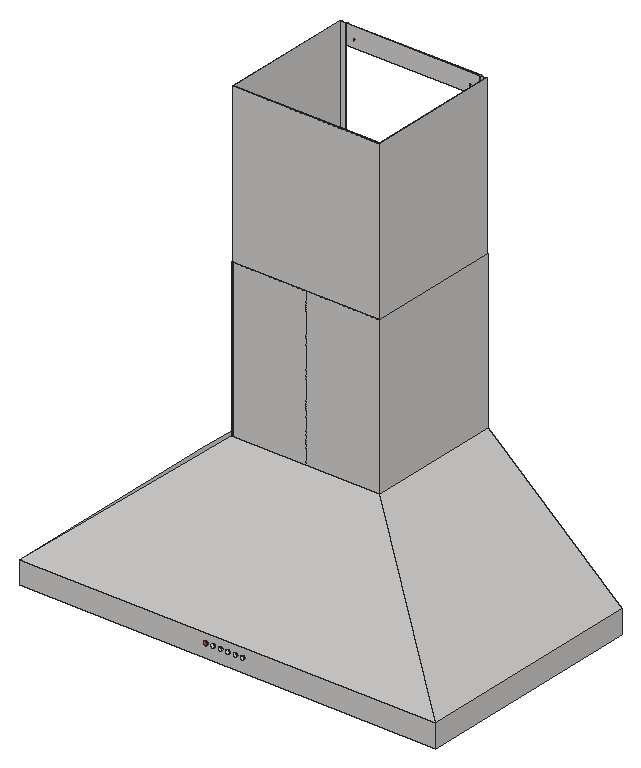
Revit family "FP_Revit_18_HC36PCX1_Rangehood_90001882A", category Specialty Equipment, Revit 2018
Family settings
  Round Connector Dimension = Use Diameter
  Part Type = Normal
  OmniClass Number = 23.40.40.00
  OmniClass Title = Food Service Equipment and Furnishings
  Work Plane-Based = No
  Always vertical = Yes
  Cut with Voids When Loaded = Yes
  Shared = No
  Room Calculation Point = No
Parameters (values of type "HC36PCX1")
  Visibility - Upper Chimney Extension [instance] = yes
  URL = "www.fisherpaykel.com"
  Product - Width = 898 mm  # constant formula
  Product - Height (636mm - 975mm) Ducted [instance] = 975 mm
  Product - Depth = 500 mm  # constant formula
  Model = "HC36PCX1"
  Material - COLOUR CHANGE = Fisher & Paykel - Stainless Steel
  Material - Buttons and Dials = Fisher & Paykel - Steel, Chrome Plated
  Material - Body = Fisher & Paykel - Stainless Steel
  Manufacturer = "Fisher & Paykel Appliances"
  FFL Offset [instance] = 1565 mm
  Description = "36\" Rangehood"
  Connector Description - Extraction = "6” (152 mm) diameter, rigid or semi-rigid ducting, 600 CFM"
  Connector Description - Electrical = "120 V, 60 Hz"
  Chassis - Width = 320 mm  # constant formula
  Chassis - Height = 298 mm  # constant formula
  Chassis - Depth = 290 mm  # constant formula
Types (5, lengths in mm): name | Model | Material - COLOUR CHANGE
  (no name) | "HC36PCX1" | Fisher & Paykel - Stainless Steel
  HC36PCB1 | "HC36PCB1" | Fisher & Paykel - Black
  HC36PCR1 | "HC36PCR1" | Fisher & Paykel - Red
  HC36PCX1 | "HC36PCX1" | Fisher & Paykel - Stainless Steel
  HC36PCW1 | "HC36PCW1" | Fisher & Paykel - White
Reference planes
  plane 1 "Datum": y = 0
  plane 2: z = 0
  plane 3 "Center (Left/Right)": x = 0
  plane 4 "Product - Height": z = 2540
  plane 5 "Product LHS": x = -449
  plane 6 "Product RHS": x = 449
  plane 7 "Product - Depth": y = -500
  plane 8 "Cavity LHS": x = -160
  plane 9 "Cavity RHS": x = 160
  plane 10 "Chassis - Depth": y = -290
  plane 11 "FFL Offset": z = 1565
  plane 12 "Chassis - Height": z = 1863
Forms (mm)
  Extrusion 1, solid, material "Fisher & Paykel - Stainless Steel" <- "Material - COLOUR CHANGE"
    sketch origin (0, 0, 0) x (1, 0, 0) y (0, 1, 0)
      loop
        line (-145, 0) -> (-160, 0) -> (-160, -290) -> (0, -290) -> (160, -290) -> (160, 0) -> (145, 0) -> (145, -1) -> (159, -1) -> (159, -289) -> (-159, -289) -> (-159, -1) -> (-145, -1) -> (-145, 0)
    from 1863 to 2200
  Extrusion 2, solid, material "Fisher & Paykel - Stainless Steel" <- "Material - COLOUR CHANGE", visible <- "Visibility - Upper Chimney Extension"
    sketch origin (0, 0, 0) x (1, 0, 0) y (0, 1, 0)
      loop
        line (-158, -2) -> (-145, -2) -> (-145, -1) -> (-159, -1) -> (-159, -289) -> (159, -289) -> (159, -1) -> (145, -1) -> (145, -2) -> (158, -2) -> (158, -288.044) -> (-158, -288.044) -> (-158, -2)
    from 2190 to 2540
  Extrusion 3, solid, material "Fisher & Paykel - Stainless Steel" <- "Material - Body"
    sketch origin (0, 0, 0) x (1, 0, 0) y (0, 1, 0)
      loop
        circle (0, -87.6) r 75
      loop
        circle (0, -87.6) r 74
    from 1850 to 1897.007
  Extrusion 4, solid, material "Fisher & Paykel - Stainless Steel" <- "Material - Body", visible <- "Visibility - Upper Chimney Extension"
    sketch origin (0, 0, 7) x (1, 0, 0) y (0, 0, 1)
      loop
        line (-145, 2491.596) -> (145, 2491.596) -> (145, 2533) -> (-145, 2533) -> (-145, 2491.596)
      loop
        circle (125, 2508) r 2.5
      loop
        circle (-125, 2508) r 2.5
    from 0 to 2
  Extrusion 5, solid, material "Fisher & Paykel - Steel, Chrome Plated" <- "Material - Buttons and Dials", detail levels fine
    sketch origin (0, 0, 565) x (1, 0, 0) y (0, 0, 1)
      loop
        circle (-32, 1029.1) r 3.958
      loop
        circle (-16, 1029.1) r 3.958
      loop
        circle (0, 1029.1) r 3.958
      loop
        circle (16, 1029.1) r 3.958
      loop
        circle (32, 1029.1) r 3.958
    from 501 to 500
  Extrusion 6, void
    sketch origin (0, 0, 0) x (1, 0, 0) y (0, 1, 0)
      loop
        line (-427.4, -479.9) -> (427.4, -479.9) -> (427.4, -89.9) -> (-427.4, -89.9) -> (-427.4, -479.9)
      loop
        circle (-207.5, -42) r 25
      loop
        circle (207.5, -42) r 25
    from 1565 to 1574
  Extrusion 7, solid, material "Fisher & Paykel - Stainless Steel" <- "Material - Body", detail levels fine
    sketch origin (0, 0, 0) x (1, 0, 0) y (0, 1, 0)
      loop
        line (142.7, -89.9) -> (142.7, -479.9) -> (427.4, -479.9) -> (427.4, -89.9) -> (142.7, -89.9)
      loop
        line (417.55, -469.9) -> (417.55, -99.9) -> (152.2, -99.9) -> (152.2, -469.9) -> (252.55, -469.9) -> (252.55, -409.9) -> (317.55, -409.9) -> (317.55, -469.9) -> (417.55, -469.9)
      loop
        line (269.45, -428.3) -> (269.45, -468.3) -> (300.65, -468.3) -> (300.65, -428.3) -> (269.45, -428.3)
      loop
        line (274.65, -433.5) -> (274.65, -463.1) -> (295.45, -463.1) -> (295.45, -433.5) -> (274.65, -433.5)
      loop
        line (274.85, -442.6) -> (274.85, -462.9) -> (295.25, -462.9) -> (295.25, -442.6) -> (274.85, -442.6)
      loop
        line (-142.7, -89.9) -> (-427.4, -89.9) -> (-427.4, -479.9) -> (-142.7, -479.9) -> (-142.7, -89.9)
      loop
        line (-417.55, -469.9) -> (-317.55, -469.9) -> (-317.55, -409.9) -> (-252.55, -409.9) -> (-252.55, -469.9) -> (-152.2, -469.9) -> (-152.2, -99.9) -> (-417.55, -99.9) -> (-417.55, -469.9)
      loop
        line (-269.45, -428.3) -> (-300.65, -428.3) -> (-300.65, -468.3) -> (-269.45, -468.3) -> (-269.45, -428.3)
      loop
        line (-274.65, -433.5) -> (-295.45, -433.5) -> (-295.45, -463.1) -> (-274.65, -463.1) -> (-274.65, -433.5)
      loop
        line (-274.85, -442.6) -> (-295.25, -442.6) -> (-295.25, -462.9) -> (-274.85, -462.9) -> (-274.85, -442.6)
      loop
        line (-142.35, -89.9) -> (-142.35, -479.9) -> (142.35, -479.9) -> (142.35, -89.9) -> (-142.35, -89.9)
      loop
        line (132.5, -469.9) -> (132.5, -99.9) -> (-132.85, -99.9) -> (-132.85, -469.9) -> (-32.5, -469.9) -> (-32.5, -409.9) -> (32.5, -409.9) -> (32.5, -469.9) -> (132.5, -469.9)
      loop
        line (-15.6, -428.3) -> (-15.6, -468.3) -> (15.6, -468.3) -> (15.6, -428.3) -> (-15.6, -428.3)
      loop
        line (-10.4, -433.5) -> (-10.4, -463.1) -> (10.4, -463.1) -> (10.4, -433.5) -> (-10.4, -433.5)
      loop
        line (-10.2, -442.6) -> (-10.2, -462.9) -> (10.2, -462.9) -> (10.2, -442.6) -> (-10.2, -442.6)
      loop
        line (268.45, -427.3) -> (268.45, -469.3) -> (301.65, -469.3) -> (301.65, -427.3) -> (268.45, -427.3)
      loop
        line (-16.6, -427.3) -> (-16.6, -469.3) -> (16.6, -469.3) -> (16.6, -427.3) -> (-16.6, -427.3)
      loop
        line (-268.45, -427.3) -> (-301.65, -427.3) -> (-301.65, -469.3) -> (-268.45, -469.3) -> (-268.45, -427.3)
    from 1566 to 1574
  Extrusion 8, solid, material "Fisher & Paykel - Aluminium", detail levels medium+fine
    sketch origin (0, 0, 0) x (1, 0, 0) y (0, 1, 0)
      loop
        line (152.2, -99.9) -> (152.2, -469.9) -> (252.55, -469.9) -> (252.55, -409.9) -> (317.55, -409.9) -> (317.55, -469.9) -> (417.55, -469.9) -> (417.55, -99.9) -> (152.2, -99.9)
      loop
        line (-152.2, -99.9) -> (-417.55, -99.9) -> (-417.55, -469.9) -> (-317.55, -469.9) -> (-317.55, -409.9) -> (-252.55, -409.9) -> (-252.55, -469.9) -> (-152.2, -469.9) -> (-152.2, -99.9)
      loop
        line (-132.675, -99.9) -> (-132.675, -469.9) -> (-32.325, -469.9) -> (-32.325, -409.9) -> (32.675, -409.9) -> (32.675, -469.9) -> (132.675, -469.9) -> (132.675, -99.9) -> (-132.675, -99.9)
    from 1566 to 1574
  Extrusion 9, void
    sketch origin (0, 0, 0) x (1, 0, 0) y (0, 0, 1)
      loop
        line (-449, 1863) -> (-449, 1615) -> (-160, 1863) -> (-449, 1863)
      loop
        line (449, 1863) -> (160, 1863) -> (449, 1615) -> (449, 1863)
    from 0 to 500
  Extrusion 10, solid, material "Fisher & Paykel - Stainless Steel" <- "Material - COLOUR CHANGE"
    sketch origin (0, 0, 0) x (0, 1, 0) y (0, 0, 1)
      loop
        line (-500, 1565) -> (0, 1565) -> (0, 1863) -> (-290, 1863) -> (-500, 1615) -> (-500, 1565)
    from -449 to 449
  Extrusion 11, solid, material "Fisher & Paykel - Stainless Steel" <- "Material - Body", detail levels medium+fine
    sketch origin (0, 0, 0) x (1, 0, 0) y (0, 1, 0)
      loop
        circle (90.933, -33) r 3
    from 1897.007 to 1850
  Extrusion 12, solid, material "Fisher & Paykel - Steel, Chrome Plated" <- "Material - Buttons and Dials", detail levels medium+fine
    sketch origin (0, 0, 0) x (1, 0, 0) y (0, 1, 0)
      loop
        circle (-207.5, -42) r 25
      loop
        circle (-207.5, -42) r 22
      loop
        circle (207.5, -42) r 25
      loop
        circle (207.5, -42) r 22
    from 1565 to 1574
  Extrusion 13, solid, material "Fisher & Paykel - White Bezel", detail levels fine
    sketch origin (0, 0, 0) x (1, 0, 0) y (0, 1, 0)
      loop
        circle (-207.5, -42) r 22
      loop
        circle (207.5, -42) r 22
    from 1565 to 1574
  Extrusion 14, void
    sketch origin (0, 0, 0) x (1, 0, 0) y (0, 0, 1)
      loop
        circle (254, 1612) r 2.5
      loop
        circle (125, 1859) r 2.5
      loop
        circle (-254, 1610) r 2.5
      loop
        circle (-125, 1859) r 2.5
    from 0 to 7
  Extrusion 15, solid, material "Fisher & Paykel - Stainless Steel" <- "Material - Body"
    sketch origin (0, 0, 0) x (1, 0, 0) y (0, 0, 1)
      loop
        line (-145, 2183) -> (-145, 2143) -> (145, 2143) -> (145, 2183) -> (-145, 2183)
      loop
        circle (125, 2161) r 2.5
      loop
        circle (-125, 2161) r 2.5
    from 0 to 2
  Extrusion 16, void
    sketch origin (0, 0, 0) x (1, 0, 0) y (0, 1, 0)
      loop
        line (-159, -289) -> (159, -289) -> (159, -2) -> (-159, -2) -> (-159, -289)
    from 1850 to 1863
  Extrusion 17, solid, material "Fisher & Paykel - Bezel Red", detail levels fine
    sketch origin (0, 0, 0) x (1, 0, 0) y (0, 0, 1)
      loop
        circle (-48, 1594.1) r 4.044
    from 500 to 501
Cuts and joins
  Extrusion 6, Extrusion 9, Extrusion 14, Extrusion 16 cuts Extrusion 10
  joined: Extrusion 1, Extrusion 10
  Extrusion 14 cuts Extrusion 4
  Extrusion 14 cuts Extrusion 15
Text (mm)
  text "Due to ongoing product development, product details are subject to change without notice. \nPlease always refer to www.fisherpaykel.com for the most current product information. \n© Fisher & Paykel 2020" at (41.04, -1225.549, 0), in view "Ref. Level (Plan)"
Dimensions and locks
  equal spacing: plane 5 "Product LHS", plane 3 "Center (Left/Right)", plane 6 "Product RHS"
  equal spacing: plane 8 "Cavity LHS", plane 3 "Center (Left/Right)", plane 9 "Cavity RHS"
  "Chassis - Width": plane 8 "Cavity LHS" to plane 9 "Cavity RHS"
  locked: Extrusion 1 sketch curve to Extrusion 1 sketch curve at 1  (x3)
  "FFL Offset": plane 11 "FFL Offset" to level
  "Product - Height (636mm - 975mm) Ducted": plane 4 "Product - Height" to plane 11 "FFL Offset"
  locked: Extrusion 8 to plane 11 "FFL Offset" at 9
  locked: Extrusion 7 to plane 11 "FFL Offset" at 1
  locked: Extrusion 1 to plane 11 "FFL Offset" at 635
  "Chassis - Depth": plane 10 "Chassis - Depth" to plane 1 "Datum"
  "Product - Width": plane 5 "Product LHS" to plane 6 "Product RHS"
  "Product - Depth": plane 1 "Datum" to plane 7 "Product - Depth"
  "Chassis - Height": plane 12 "Chassis - Height" to plane 11 "FFL Offset"
  locked: plane 11 "FFL Offset" to Extrusion 14 sketch curve at 294
  locked: plane 4 "Product - Height" to Extrusion 2 at 350
  locked: Extrusion 3 to plane 11 "FFL Offset" at 332.007
  locked: plane 11 "FFL Offset" to cut or joined group of Extrusion 1, Extrusion 6, Extrusion 9, Extrusion 10, Extrusion 14, Extrusion 16 at 285
  locked: plane 11 "FFL Offset" to cut or joined group of Extrusion 14, Extrusion 15 at 596
  locked: plane 11 "FFL Offset" to cut or joined group of Extrusion 14, Extrusion 15 at 618
  locked: plane 11 "FFL Offset" to cut or joined group of Extrusion 14, Extrusion 15 at 578
  cut or joined group of Extrusion 4, Extrusion 14 to plane 4 "Product - Height" = 41.404 mm
  locked: cut or joined group of Extrusion 4, Extrusion 14 to plane 4 "Product - Height" at 25
  locked: plane 11 "FFL Offset" to cut or joined group of Extrusion 1, Extrusion 6, Extrusion 9, Extrusion 10, Extrusion 14, Extrusion 16 at 294
  locked: plane 11 "FFL Offset" to Extrusion 14 sketch curve at 47
  locked: plane 11 "FFL Offset" to cut or joined group of Extrusion 1, Extrusion 6, Extrusion 9, Extrusion 10, Extrusion 14, Extrusion 16 at 47
  aligned and locked: level to plane 2
  aligned and locked: Extrusion 1 sketch curve to plane 8 "Cavity LHS"
  aligned and locked: plane 9 "Cavity RHS" to Extrusion 1 sketch curve
  aligned and locked: plane 10 "Chassis - Depth" to Extrusion 1 sketch curve
  aligned and locked: plane 4 "Product - Height" to Extrusion 2
  aligned and locked: Extrusion 10 to plane 6 "Product RHS"
  aligned and locked: plane 5 "Product LHS" to Extrusion 10
  aligned and locked: Extrusion 7 to Extrusion 8  (x2)
  aligned and locked: Extrusion 6 to Extrusion 7
  aligned and locked: cut or joined group of Extrusion 1, Extrusion 6, Extrusion 9, Extrusion 10, Extrusion 14, Extrusion 16 to plane 11 "FFL Offset"
  aligned and locked: Extrusion 12 to Extrusion 7
  aligned and locked: Extrusion 13 to Extrusion 7
  aligned and locked: Extrusion 13 to plane 11 "FFL Offset"
  aligned and locked: Extrusion 12 to plane 11 "FFL Offset"
  aligned and locked: plane 4 "Product - Height" to Extrusion 4
  aligned and locked: Extrusion 1 to plane 12 "Chassis - Height"
  aligned and locked: plane 7 "Product - Depth" to Extrusion 5
  aligned and locked: plane 7 "Product - Depth" to Extrusion 17
  aligned and locked: Extrusion 16 to Extrusion 1
  aligned and locked: cut or joined group of Extrusion 1, Extrusion 6, Extrusion 9, Extrusion 10, Extrusion 14, Extrusion 16 to Extrusion 3
  aligned and locked: Extrusion 3 to Extrusion 11
  aligned and locked: cut or joined group of Extrusion 1, Extrusion 6, Extrusion 9, Extrusion 10, Extrusion 14, Extrusion 16 to Extrusion 11
  aligned and locked: cut or joined group of Extrusion 4, Extrusion 14 to Extrusion 2
  aligned and locked: cut or joined group of Extrusion 14, Extrusion 15 to Extrusion 2
Automatic sketch dimensions
  Extrusion 2 sketch curve to plane 8 "Cavity LHS" = 1 mm
  Extrusion 2 sketch curve to Extrusion 2 sketch curve = 1 mm
  plane 1 "Datum" to Extrusion 2 sketch curve = 2 mm  (x2)
  Extrusion 2 sketch curve to Extrusion 2 sketch curve = 13 mm
  plane 9 "Cavity RHS" to Extrusion 2 sketch curve = 15 mm
  plane 9 "Cavity RHS" to Extrusion 2 sketch curve = 2 mm
  plane 9 "Cavity RHS" to Extrusion 2 sketch curve = 1 mm
  plane 10 "Chassis - Depth" to Extrusion 2 sketch curve = 1.956 mm
  plane 10 "Chassis - Depth" to Extrusion 2 sketch curve = 1 mm
  plane 1 "Datum" to Extrusion 2 sketch curve = 1 mm  (x2)
  Extrusion 4 sketch curve to plane 4 "Product - Height" = 0 mm
  Extrusion 4 sketch curve to plane 8 "Cavity LHS" = 15 mm
  Extrusion 4 sketch curve to plane 8 "Cavity LHS" = 35 mm
  plane 9 "Cavity RHS" to Extrusion 4 sketch curve = 35 mm
  plane 9 "Cavity RHS" to Extrusion 4 sketch curve = 15 mm
  Extrusion 4 sketch curve to plane 4 "Product - Height" = 25 mm  (x2)
  Extrusion 4 sketch curve to Extrusion 4 sketch curve = 16.404 mm
  Extrusion 6 sketch curve to plane 5 "Product LHS" = 21.6 mm
  plane 8 "Cavity LHS" to Extrusion 6 sketch curve = 47.5 mm
  Extrusion 6 sketch curve to plane 9 "Cavity RHS" = 47.5 mm
  plane 6 "Product RHS" to Extrusion 6 sketch curve = 21.6 mm
  plane 7 "Product - Depth" to Extrusion 6 sketch curve = 20.1 mm
  plane 1 "Datum" to Extrusion 6 sketch curve = 89.9 mm
  plane 1 "Datum" to Extrusion 6 sketch curve = 42 mm  (x2)
  plane 9 "Cavity RHS" to Extrusion 11 sketch curve = 69.067 mm
  plane 10 "Chassis - Depth" to Extrusion 11 sketch curve = 257 mm
  Extrusion 12 sketch curve to Extrusion 12 sketch curve = 0 mm  (x4)
  plane 8 "Cavity LHS" to Extrusion 12 sketch curve = 47.5 mm
  Extrusion 12 sketch curve to plane 9 "Cavity RHS" = 47.5 mm
  plane 1 "Datum" to Extrusion 12 sketch curve = 42 mm  (x2)
  plane 8 "Cavity LHS" to Extrusion 13 sketch curve = 47.5 mm
  Extrusion 13 sketch curve to plane 9 "Cavity RHS" = 47.5 mm
  plane 1 "Datum" to Extrusion 13 sketch curve = 42 mm  (x2)
  plane 11 "FFL Offset" to Extrusion 14 sketch curve = 45 mm
  plane 8 "Cavity LHS" to Extrusion 14 sketch curve = 94 mm
  Extrusion 14 sketch curve to plane 12 "Chassis - Height" = 4 mm
  Extrusion 14 sketch curve to plane 8 "Cavity LHS" = 35 mm
  plane 9 "Cavity RHS" to Extrusion 14 sketch curve = 35 mm
  Extrusion 14 sketch curve to plane 9 "Cavity RHS" = 94 mm
  Extrusion 15 sketch curve to plane 8 "Cavity LHS" = 15 mm
  Extrusion 15 sketch curve to plane 8 "Cavity LHS" = 35 mm
  plane 9 "Cavity RHS" to Extrusion 15 sketch curve = 35 mm
  plane 9 "Cavity RHS" to Extrusion 15 sketch curve = 15 mm
  plane 12 "Chassis - Height" to Extrusion 15 sketch curve = 280 mm
  Extrusion 15 sketch curve to Extrusion 15 sketch curve = 18 mm  (x2)
  Extrusion 15 sketch curve to Extrusion 15 sketch curve = 22 mm
  plane 1 "Datum" to Extrusion 1 sketch curve = 0 mm  (x2)
  Extrusion 1 sketch curve to plane 3 "Center (Left/Right)" = 0 mm
  plane 1 "Datum" to Extrusion 1 sketch curve = 1 mm  (x2)
  Extrusion 1 sketch curve to Extrusion 1 sketch curve = 14 mm  (x2)
  Extrusion 10 sketch curve to plane 7 "Product - Depth" = 0 mm
  Extrusion 10 sketch curve to plane 12 "Chassis - Height" = 0 mm
  Extrusion 10 sketch curve to plane 10 "Chassis - Depth" = 0 mm
  Extrusion 10 sketch curve to plane 1 "Datum" = 0 mm
  Extrusion 10 sketch curve to plane 11 "FFL Offset" = 0 mm
  Extrusion 10 sketch curve to Extrusion 10 sketch curve = 50 mm
  plane 5 "Product LHS" to Extrusion 9 sketch curve = 0 mm
  plane 8 "Cavity LHS" to Extrusion 9 sketch curve = 0 mm
  plane 9 "Cavity RHS" to Extrusion 9 sketch curve = 0 mm
  plane 6 "Product RHS" to Extrusion 9 sketch curve = 0 mm
  Extrusion 9 sketch curve to plane 12 "Chassis - Height" = 0 mm  (x2)
  plane 11 "FFL Offset" to Extrusion 9 sketch curve = 50 mm  (x2)
  Extrusion 5 sketch curve to plane 3 "Center (Left/Right)" = 0 mm
  Extrusion 5 sketch curve to plane 3 "Center (Left/Right)" = 16 mm
  Extrusion 5 sketch curve to Extrusion 5 sketch curve = 16 mm  (x3)
  plane 11 "FFL Offset" to Extrusion 5 sketch curve = 29.1 mm
  Extrusion 5 sketch curve to Extrusion 5 sketch curve = 0 mm  (x4)
  Extrusion 17 sketch curve to plane 3 "Center (Left/Right)" = 48 mm
  plane 11 "FFL Offset" to Extrusion 17 sketch curve = 29.1 mm
  Extrusion 7 sketch curve to plane 5 "Product LHS" = 21.6 mm
  Extrusion 7 sketch curve to Extrusion 7 sketch curve = 9.85 mm  (x3)
  plane 7 "Product - Depth" to Extrusion 7 sketch curve = 30.1 mm  (x4)
  Extrusion 7 sketch curve to Extrusion 7 sketch curve = 100 mm
  Extrusion 7 sketch curve to Extrusion 7 sketch curve = 16.9 mm  (x5)
  Extrusion 7 sketch curve to Extrusion 7 sketch curve = 5.2 mm  (x12)
  Extrusion 7 sketch curve to Extrusion 7 sketch curve = 0.2 mm  (x9)
  Extrusion 7 sketch curve to Extrusion 7 sketch curve = 20.4 mm  (x2)
  Extrusion 7 sketch curve to plane 8 "Cavity LHS" = 7.8 mm
  Extrusion 7 sketch curve to Extrusion 7 sketch curve = 9.5 mm  (x2)
  Extrusion 7 sketch curve to Extrusion 7 sketch curve = 0.35 mm  (x2)
  Extrusion 7 sketch curve to plane 3 "Center (Left/Right)" = 32.5 mm
  Extrusion 7 sketch curve to plane 3 "Center (Left/Right)" = 15.6 mm
  plane 3 "Center (Left/Right)" to Extrusion 7 sketch curve = 10.2 mm
  plane 9 "Cavity RHS" to Extrusion 7 sketch curve = 27.5 mm
  plane 9 "Cavity RHS" to Extrusion 7 sketch curve = 7.8 mm
  Extrusion 7 sketch curve to plane 9 "Cavity RHS" = 92.55 mm
  plane 6 "Product RHS" to Extrusion 7 sketch curve = 31.45 mm
  Extrusion 7 sketch curve to Extrusion 7 sketch curve = 0 mm  (x3)
  Extrusion 7 sketch curve to Extrusion 7 sketch curve = 10 mm  (x5)
  plane 7 "Product - Depth" to Extrusion 7 sketch curve = 20.1 mm
  Extrusion 7 sketch curve to Extrusion 7 sketch curve = 1.6 mm  (x3)
  Extrusion 7 sketch curve to Extrusion 7 sketch curve = 20.3 mm  (x3)
  Extrusion 7 sketch curve to Extrusion 7 sketch curve = 9.1 mm  (x3)
  Extrusion 7 sketch curve to Extrusion 7 sketch curve = 18.4 mm  (x3)
  plane 1 "Datum" to Extrusion 7 sketch curve = 99.9 mm  (x2)
  Extrusion 8 sketch curve to plane 5 "Product LHS" = 31.45 mm
  plane 7 "Product - Depth" to Extrusion 8 sketch curve = 30.1 mm  (x4)
  Extrusion 8 sketch curve to Extrusion 8 sketch curve = 100 mm
  Extrusion 8 sketch curve to Extrusion 8 sketch curve = 65 mm  (x2)
  Extrusion 8 sketch curve to plane 8 "Cavity LHS" = 7.8 mm
  Extrusion 8 sketch curve to Extrusion 8 sketch curve = 19.525 mm
  Extrusion 8 sketch curve to plane 3 "Center (Left/Right)" = 32.325 mm
  plane 3 "Center (Left/Right)" to Extrusion 8 sketch curve = 32.675 mm
  plane 9 "Cavity RHS" to Extrusion 8 sketch curve = 27.325 mm
  plane 9 "Cavity RHS" to Extrusion 8 sketch curve = 7.8 mm
  Extrusion 8 sketch curve to plane 9 "Cavity RHS" = 92.55 mm
  plane 6 "Product RHS" to Extrusion 8 sketch curve = 31.45 mm
  Extrusion 8 sketch curve to Extrusion 8 sketch curve = 0 mm  (x3)
  Extrusion 8 sketch curve to Extrusion 8 sketch curve = 60 mm  (x3)
  plane 1 "Datum" to Extrusion 8 sketch curve = 99.9 mm  (x2)
  Extrusion 3 sketch curve to Extrusion 3 sketch curve = 0 mm  (x2)
  plane 1 "Datum" to Extrusion 3 sketch curve = 87.6 mm
  plane 6 "Product RHS" to Extrusion 3 sketch curve = 449 mm
  plane 1 "Datum" to Extrusion 16 sketch curve = 2 mm
  Extrusion 16 sketch curve to plane 8 "Cavity LHS" = 1 mm
  plane 9 "Cavity RHS" to Extrusion 16 sketch curve = 1 mm
  plane 10 "Chassis - Depth" to Extrusion 16 sketch curve = 1 mm
  Extrusion 7 sketch curve to Extrusion 7 sketch curve = 1 mm  (x12)
  radius of Extrusion 4 sketch curve = 2.5 mm  (x2)
  radius of Extrusion 6 sketch curve = 25 mm  (x2)
  radius of Extrusion 11 sketch curve = 3 mm
  radius of Extrusion 12 sketch curve = 25 mm  (x2)
  radius of Extrusion 12 sketch curve = 22 mm  (x2)
  radius of Extrusion 13 sketch curve = 22 mm  (x2)
  radius of Extrusion 14 sketch curve = 2.5 mm  (x4)
  radius of Extrusion 15 sketch curve = 2.5 mm  (x2)
  radius of Extrusion 5 sketch curve = 3.958 mm  (x5)
  radius of Extrusion 17 sketch curve = 4.044 mm
  radius of Extrusion 3 sketch curve = 75 mm
  radius of Extrusion 3 sketch curve = 74 mm
Connectors
  hvac at (0, -87.6, 1897.007), driven by "Connector Description - Extraction"
    settings: on Extrusion 3, index 1, duct flow 0.0 L/s, flow factor 0, pres drop 0.0 Pa, loss coef 0, conn angle 0.00°, conn width 304.8 mm, conn height 304.8 mm, conn diameter 150 mm, duct sys type 4, conn prof type 0, flow config 0, flow direction 2, loss method 0, conn ref index -1, conn util no, is conn primary yes, conn desc "6” (152 mm) diameter, rigid or semi-rigid ducting, 600 CFM"
  electrical at (90.933, -33, 1850), driven by "Connector Description - Electrical"
    settings: on Extrusion 11, index 2, voltage 120 V, apparent load 0 VA, apparent load phase1 0 VA, apparent load phase2 0 VA, apparent load phase3 0 VA, power factor 1, load classification "Other", number of poles 1, system type 30, power factor state 1, is connector primary yes, connector utility no, sub classification motor no, connector description "120 V, 60 Hz"
